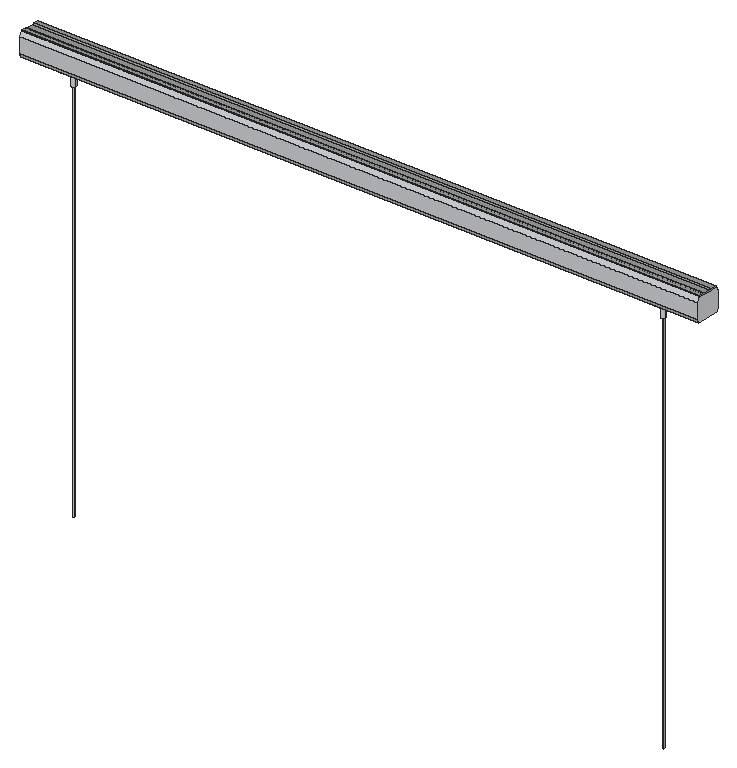
Revit family "0042522 Sylvania Lighting Fixture ISOLINE  1690MM 4K MD UGR 5C", category Lighting Fixtures, host Face, Revit 2018
Family settings
  Host = Face
  Round Connector Dimension = Use Diameter
  Part Type = Normal
  OmniClass Number = 23.80.70.00
  OmniClass Title = Lighting
  Cut with Voids When Loaded = No
  Light Source = Yes
  Shared = No
  Room Calculation Point = No
Parameters (values of type "0042522 ISOLINE  1690MM 4K MD UGR 5C ")
  suspension height = 1000 mm
  spacer height = 5 mm
  spacer centres = 1000 mm
  height = 58.791 mm
  Width = 62 mm
  Weight = "n/a"
  Wattage Comments = ""
  Wattage = 9.2903 W
  WarrantyStartDate [instance] = "n/a"
  WarrantyGuarantorParts = "n/a"
  WarrantyDurationUnit = "n/a"
  WarrantyDurationParts = ""
  WarrantyDescription = "http://www.sylvania-lighting.com"
  built-in parameter 1150110 = 1 (stored number, unit not read)
  Voltage = 0 V
  URL = "0"
  TypeName = "ISOLINE  1690MM 4K MD UGR 5C"
  Type Image = <None>
  Type Comments = "n/a"
  built-in parameter 1114217 = 1 (stored number, unit not read)
  Tilt Angle = 90.00°
  built-in parameter 1150109 = 1 (stored number, unit not read)
  built-in parameter 1150134 = 3
  built-in parameter 1150113 = 1 (stored number, unit not read)
  SerialNumber [instance] = "n/a"
  Photometric Web File = "0042522.ies"
  Material_3_FEILO = none
  PowerFactor = 0
  PowerConsumption = "Lighting"
  NominalLength = 62 mm
  NominalHeight = 0 mm
  NominalDepth = 0 mm
  Name = "ISOLINE  1690MM 4K MD UGR 5C"
  ModelReference = Name  # "ISOLINE  1690MM 4K MD UGR 5C"
  ModelNumber = "0042522"
  Model = Name  # "ISOLINE  1690MM 4K MD UGR 5C"
  Material = "Feilo Sylvania"
  ManufacturerName = "154 lm/W"
  Manufacturer = ""
  LuminousEfficacy = ""
  built-in parameter 1150105 = 109.82 (stored number, unit not read)
  Lumens = 1380 lm
  LuminaireType = "0"
  built-in parameter 1150115 = 1 (stored number, unit not read)
  LightOutputRatio = "LED"
  built-in parameter 1150137 = (empty or 0)
  built-in parameter 1150139 = (empty or 0)
  Length = 1690 mm
  LampsType = Lamp  # "n/a"
  LampNominalLuminous = "4000 K"
  LampMacAdamStep = "80"
  LampColourTemperature = "LED"
  LampColourRenderingIndex = "16500"
  built-in parameter 1150112 = 1 (stored number, unit not read)
  built-in parameter 1150114 = 1 (stored number, unit not read)
  Lamp = "n/a"
  Keynote = "n/a"
  InstallationDate [instance] = "n/a"
  InputVoltage = "0"
  InputNominalFrequency = "4000"
  built-in parameter 1150132 = (empty or 0)
  built-in parameter 1150102 = (empty or 0)
  built-in parameter 1150107 = 3200 (stored number, unit not read)
  built-in parameter 1150138 = (empty or 0)
  IngressProtection = "IfcLightFixtureType"
  ImpactProtectionIndex = "IfcLightFixtureType"
  built-in parameter 1150106 = 1.0982 (stored number, unit not read)
  IfcExportType = "IfcLightFixtureType"
  IfcExportAs = "Class I"
  Height = 1000 mm
  ExpectedLife = 50000
  Emit from Circle Diameter = 609.6 mm
  Emit Shape Visible in Rendering = no
  ElectricShockClassification = "154"
  built-in parameter 1150104 = 13.8 (stored number, unit not read)
  DurationUnit = "hours"
  DocumentationLiterature = "http://www.sylvania-lighting.com/product/en-int/products/0042522"
  DimmingControlOptions = "n/a"
  Material_2_FEILO = none
  Dimming Lamp Color Temperature Shift = <None>
  Description = "Isoline LED linear luminaire for industrial and commercial applications. 1690 mm lenght with medium optics provide homogenous light distribution for aisles and focus areas. Aluminium housing, RAL 9016. Max + 35 °C operating temperature range, 4000 K, CRI 80, UGR <20, 3 SDMC. 57 W power consumption, 8800 lm luminous flux, 154 lm/W efficacy, 1690 mm x 62 mm x 59 mm (L x W x H) dimensions, IP20, IK03, 220-240 V 50/60 Hz, Class I. Lifespan L70:B50 60,000 hours."
  Default Elevation = 1219.2 mm
  CreatedOn = "04/03/2021"
  CreatedBy = "@sylvania-lighting.com"
  Cost = 0
  Color Filter = 16777215
  built-in parameter 1114216 [instance] = (empty or 0)
  ClassificationValue = "EF_70_80"
  ClassificationName = "Uniclass2015"
  Material_1_FEILO = none
  BarCode [instance] = "n/a"
  built-in parameter 1114218 = 1 (stored number, unit not read)
  built-in parameter 1150133 = 10 (stored number, unit not read)
  AssetType = "Fixed"
  AssetIdentifier [instance] = "n/a"
  Assembly Code = "D5020200"
  Apparent Load = 57 VA
  Material_4_FEILO = none
Reference planes
  plane 1 "Center (Front/Back)": y = 0
  plane 2: z = 0
  plane 3 "Center (Left/Right)": x = 0
  plane 4: z = 0
  plane 5: z = 1000
  plane 6: y = 31
  plane 7: y = -31
  plane 8: x = -845
  plane 9: x = 845
  plane 10: x = -37.307
  plane 11: x = 55
  plane 12: z = 1058.791
  plane 13: z = 51
  plane 14: y = -27
  plane 15: y = 27
  plane 16: z = 12
  plane 17: y = -24.969
  plane 18: y = 25
  plane 19: y = 12
  plane 20: y = -12
  plane 21: z = 1.634
  plane 22: y = -8
  plane 23: y = 8
  plane 24: z = 995
  plane 25: y = 26.98
  plane 26: y = 16.98
  plane 27: y = -27.027
  plane 28: y = -17.004
  plane 29: z = 996.5
  plane 30: y = 26.002
  plane 31: y = -26.027
  plane 32: through (-1580, 7.965, 1219.2) normal (0.5391, 0.8423, 0)
  plane 33: through (-1555, 7.965, 1219.2) normal (0.5391, -0.8423, 0)
  plane 34: through (1555, 7.965, 1219.2) normal (0.5391, 0.8423, 0)
  plane 35: through (1580, 8, 1219.2) normal (0.5399, -0.8417, 0)
  plane 36: z = 1058.003
  plane 37: z = 1056.819
  plane 38: x = -735
  plane 39: x = 735
Forms (mm)
  Extrusion 1, solid, detail levels medium+fine
    sketch origin (-1690, -1523.717, -160.594) x (0, -1, -0.000261) y (0, 0.000261, -1)
      loop
        line (-1493, -1168.2) -> (-1497, -1160.2) -> (-1551, -1160.2) -> (-1555, -1168.2) -> (-1555, -1207.2) -> (-1549.109, -1218.982) -> (-1535.466, -1218.982) -> (-1532, -1217.566) -> (-1516, -1217.566) -> (-1512.511, -1218.991) -> (-1498.896, -1218.991) -> (-1493, -1207.2) -> (-1493, -1168.2)
    from 845 to 2535
  Extrusion 2, solid
    sketch origin (722.452, 1524, 1219.247) x (0, 1, 0) y (0, 0, 1)
      loop
        line (-1497.021, -219.189) -> (-1498.02, -219.189) -> (-1507.02, -223.699) -> (-1541.004, -223.699) -> (-1550.017, -219.203) -> (-1551.02, -219.203) -> (-1541.004, -224.2) -> (-1507.02, -224.2) -> (-1497.021, -219.189)
    from 0 to 25
  Extrusion 3, solid
    sketch origin (-747.495, 1524, 1219.189) x (0, 1, 0) y (0, 0, 1)
      loop
        line (-1497.021, -219.189) -> (-1498.02, -219.189) -> (-1507.02, -223.699) -> (-1541.004, -223.699) -> (-1550.017, -219.203) -> (-1551.02, -219.203) -> (-1541.004, -224.2) -> (-1507.02, -224.2) -> (-1497.021, -219.189)
    from 0 to 25
  Extrusion 4, solid
    sketch origin (836.384, 0, 0) x (1, 0, 0) y (0, 1, 0)
      loop
        circle (-1571.7, -0.035) r 5
    from 962.277 to 995
  Extrusion 5, solid
    sketch origin (2306.545, 0.065, 0) x (1, 0, 0) y (0, 1, 0)
      loop
        circle (-1571.7, -0.035) r 5
    from 962.277 to 995
  Extrusion 6, solid
    sketch origin (836.717, 0, 0) x (1, 0, 0) y (0, 1, 0)
      loop
        circle (-1571.7, -0.035) r 1.5
    from 0 to 962.277
  Extrusion 7, solid
    sketch origin (2306.663, 0.033, 0) x (1, 0, 0) y (0, 1, 0)
      loop
        circle (-1571.7, -0.035) r 1.5
    from 0 to 962.277
  Extrusion 8, solid, material "Glass, White, High Luminance", detail levels fine
    sketch origin (319, 1524, 1219.2) x (0, 1, 0) y (0, 0, 1)
      loop
        line (-1498.926, -160.099) -> (-1512.703, -160.099) -> (-1516.213, -161.534) -> (-1531.9, -161.534) -> (-1535.47, -160.114) -> (-1549.12, -160.114) -> (-1549.12, -161.197) -> (-1535.782, -161.197) -> (-1532.805, -162.381) -> (-1515.468, -162.381) -> (-1512.929, -161.197) -> (-1498.926, -161.197) -> (-1498.926, -160.099)
    from -1164 to 526
  Extrusion 9, solid, detail levels coarse
    sketch origin (319, 1524, 1219.2) x (0, 1, 0) y (0, 0, 1)
      loop
        line (-1493, -160.052) -> (-1555, -160.052) -> (-1555, -1219.2) -> (-1493, -1219.2) -> (-1493, -160.052)
    from -1164 to 526
Dimensions and locks
  "Width": plane 6 to plane 7
  equal spacing: plane 6, plane 1 "Center (Front/Back)", plane 7
  "Length": plane 8 to plane 9
  equal spacing: plane 8, plane 3 "Center (Left/Right)", plane 9
  "height": plane 12 to plane 5
  "suspension height": plane 5 to level
  aligned and locked: host face to plane 2
  aligned and locked: host face to level
Automatic sketch dimensions
  host sketch curve to host sketch curve = 3582.803 mm
  host sketch curve to host sketch curve = 2438.4 mm
  Extrusion 1 sketch curve to plane 25 = 0 mm
  Extrusion 1 sketch curve to plane 6 = 0.033 mm
  Extrusion 1 sketch curve to plane 12 = 11.778 mm
  Extrusion 1 sketch curve to Extrusion 1 sketch curve = 4 mm  (x2)
  Extrusion 1 sketch curve to Extrusion 1 sketch curve = 5.891 mm
  Extrusion 1 sketch curve to Extrusion 1 sketch curve = 13.643 mm
  Extrusion 1 sketch curve to Extrusion 1 sketch curve = 3.466 mm
  Extrusion 1 sketch curve to Extrusion 1 sketch curve = 16 mm
  Extrusion 1 sketch curve to Extrusion 1 sketch curve = 3.489 mm
  Extrusion 1 sketch curve to Extrusion 1 sketch curve = 13.615 mm
  Extrusion 1 sketch curve to Extrusion 1 sketch curve = 54 mm
  Extrusion 1 sketch curve to Extrusion 1 sketch curve = 47 mm
  Extrusion 1 sketch curve to Extrusion 1 sketch curve = 10.366 mm
  Extrusion 1 sketch curve to Extrusion 1 sketch curve = 1.425 mm
  Extrusion 1 sketch curve to Extrusion 1 sketch curve = 11.782 mm
  Extrusion 1 sketch curve to Extrusion 1 sketch curve = 8 mm  (x2)
  Extrusion 2 sketch curve to plane 28 = 0 mm  (x2)
  Extrusion 2 sketch curve to plane 26 = 0 mm  (x2)
  plane 5 to Extrusion 2 sketch curve = 0.058 mm
  Extrusion 2 sketch curve to plane 31 = 0.01 mm
  Extrusion 2 sketch curve to plane 27 = 0.007 mm
  plane 30 to Extrusion 2 sketch curve = 0.022 mm
  plane 25 to Extrusion 2 sketch curve = 0.001 mm
  plane 5 to Extrusion 2 sketch curve = 0.044 mm
  plane 24 to Extrusion 2 sketch curve = 0.547 mm
  plane 24 to Extrusion 2 sketch curve = 0.047 mm
  Extrusion 3 sketch curve to plane 28 = 0 mm  (x2)
  Extrusion 3 sketch curve to plane 26 = 0 mm  (x2)
  Extrusion 3 sketch curve to plane 5 = 0 mm
  Extrusion 3 sketch curve to plane 31 = 0.01 mm
  Extrusion 3 sketch curve to plane 27 = 0.007 mm
  plane 30 to Extrusion 3 sketch curve = 0.022 mm
  plane 25 to Extrusion 3 sketch curve = 0.001 mm
  Extrusion 3 sketch curve to plane 5 = 0.014 mm
  plane 24 to Extrusion 3 sketch curve = 0.489 mm
  Extrusion 3 sketch curve to plane 24 = 0.011 mm
  plane 32 to Extrusion 4 sketch curve = 448.592 mm
  plane 33 to Extrusion 4 sketch curve = 448.592 mm
  Extrusion 5 sketch curve to plane 1 "Center (Front/Back)" = 0.029 mm
  plane 32 to Extrusion 6 sketch curve = 448.771 mm
  plane 33 to Extrusion 6 sketch curve = 448.771 mm
  plane 1 "Center (Front/Back)" to Extrusion 7 sketch curve = 0.002 mm
  Extrusion 8 sketch curve to plane 36 = 0 mm  (x2)
  Extrusion 8 sketch curve to plane 37 = 0 mm
  plane 17 to Extrusion 8 sketch curve = 0.151 mm
  Extrusion 8 sketch curve to plane 20 = 0.218 mm
  plane 12 to Extrusion 8 sketch curve = 0.295 mm
  Extrusion 8 sketch curve to plane 20 = 0.53 mm
  plane 22 to Extrusion 8 sketch curve = 0.805 mm
  Extrusion 8 sketch curve to plane 22 = 0.1 mm
  plane 23 to Extrusion 8 sketch curve = 0.213 mm
  Extrusion 8 sketch curve to plane 23 = 0.532 mm
  plane 19 to Extrusion 8 sketch curve = 0.929 mm
  Extrusion 8 sketch curve to plane 18 = 0.074 mm
  plane 37 to Extrusion 8 sketch curve = 0.848 mm
  plane 19 to Extrusion 8 sketch curve = 0.703 mm
  plane 12 to Extrusion 8 sketch curve = 0.31 mm
  Extrusion 9 sketch curve to plane 7 = 0 mm
  Extrusion 9 sketch curve to plane 6 = 0 mm
  Extrusion 9 sketch curve to plane 29 = 996.5 mm
  plane 12 to Extrusion 9 sketch curve = 0.357 mm
  Extrusion 5 sketch curve to plane 39 = 0.155 mm
  Extrusion 7 sketch curve to plane 39 = 0.037 mm
  radius of Extrusion 4 sketch curve = 5 mm
  radius of Extrusion 5 sketch curve = 5 mm
  radius of Extrusion 6 sketch curve = 1.5 mm
  radius of Extrusion 7 sketch curve = 1.5 mm
Connectors
  electrical at (0, -0.02, 1000.004)
    settings: on Extrusion 1, index 1, voltage 0 V, apparent load 0 VA, apparent load phase1 0 VA, apparent load phase2 0 VA, apparent load phase3 0 VA, power factor 1, load classification "Other", number of poles 1, system type 31, power factor state 1, is connector primary yes, connector utility no, sub classification motor no, connector description ""
